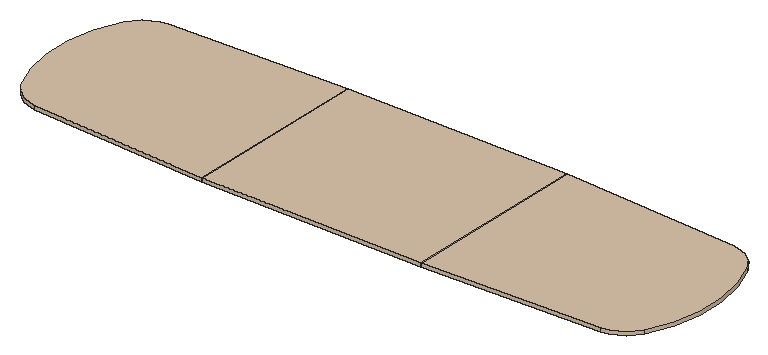
Revit family "Haworth_Planes_ColumnBaseConferenceTable_PebbleThreePiece_TopOnly", category Furniture Systems, Revit 2018 (continued)
Definition of nested family "Haworth_Planes_Worksurface_Pebble_3Piece_PART"
  Definition of nested family "Haworth_Planes_Worksurface_Pebble42_3Pieces_Part"
    Lines and regions (in)
      Masking region 1, visible <- "186w"
        outline origin (0, 0, 0) x (1, 0, 0) y (0, 1, 0)
          loop
            arc (91.67053, 6.29769) -> (92.52, 15) -> (91.67053, 23.70231) r 45
            arc (91.67053, 23.70231) -> (87.98608, 30.24554) -> (81.13405, 33.31777) r 12
            arc (81.13405, 33.31777) -> (56.02055, 35.24743) -> (30.84, 35.84) r 473.87927
            line (30.84, 35.84) -> (-30.84, 35.84)
      Masking region 2, visible <- "192w"
        outline origin (0, -111.73058, 0) x (1, 0, 0) y (0, 1, 0)
          loop
            arc (-84.08373, 108.40692) -> (-57.99392, 106.48333) -> (-31.84, 105.89058) r 513.65076
            line (-31.84, 105.89058) -> (31.84, 105.89058)
            arc (31.84, 105.89058) -> (57.99392, 106.48333) -> (84.08373, 108.40692) r 513.65076
            arc (84.08373, 108.40692) -> (90.96718, 111.46717) -> (94.67032, 118.02718) r 12
            arc (94.67032, 118.02718) -> (95.52, 126.73058) -> (94.67032, 135.43399) r 45
            arc (94.67032, 135.43399) -> (90.96718, 141.99399) -> (84.08373, 145.05424) r 12
            arc (84.08373, 145.05424) -> (57.99392, 146.97783) -> (31.84, 147.57058) r 513.65076
            line (31.84, 147.57058) -> (-31.84, 147.57058)
            arc (-31.84, 147.57058) -> (-57.99392, 146.97783) -> (-84.08373, 145.05424) r 513.65076
            arc (-84.08373, 145.05424) -> (-90.96718, 141.99399) -> (-94.67032, 135.43399) r 12
            arc (-94.67032, 135.43399) -> (-95.52, 126.73058) -> (-94.67032, 118.02718) r 45
            arc (-94.67032, 118.02718) -> (-90.96718, 111.46717) -> (-84.08373, 108.40692) r 12
      Masking region 3, visible <- "198w"
        outline origin (0, -157.5066, 0) x (1, 0, 0) y (0, 1, 0)
          loop
            arc (-97.67017, 163.80245) -> (-93.94987, 157.22704) -> (-87.03761, 154.17791) r 12
            arc (-87.03761, 154.17791) -> (-59.96952, 152.25944) -> (-32.84, 151.6666) r 554.88541
            line (-32.84, 151.6666) -> (32.84, 151.6666)
            arc (32.84, 151.6666) -> (59.96952, 152.25944) -> (87.03761, 154.17791) r 554.88541
            arc (87.03761, 154.17791) -> (93.94987, 157.22704) -> (97.67017, 163.80245) r 12
            arc (97.67017, 163.80245) -> (98.52, 172.5066) -> (97.67017, 181.21075) r 45
            arc (97.67017, 181.21075) -> (93.94987, 187.78616) -> (87.03761, 190.83529) r 12
            arc (87.03761, 190.83529) -> (59.96952, 192.75376) -> (32.84, 193.3466) r 554.88541
            line (32.84, 193.3466) -> (-32.84, 193.3466)
            arc (-32.84, 193.3466) -> (-59.96952, 192.75376) -> (-87.03761, 190.83529) r 554.88541
            arc (-87.03761, 190.83529) -> (-93.94987, 187.78616) -> (-97.67017, 181.21075) r 12
            arc (-97.67017, 181.21075) -> (-98.52, 172.5066) -> (-97.67017, 163.80245) r 45
      Masking region 4, visible <- "204w"
        outline origin (0, -201.97473, 0) x (1, 0, 0) y (0, 1, 0)
          loop
            arc (-100.67008, 225.67936) -> (-101.52, 216.97473) -> (-100.67008, 208.27011) r 45
            arc (-100.67008, 208.27011) -> (-96.93385, 201.68041) -> (-89.99485, 198.64169) r 12
            arc (-89.99485, 198.64169) -> (-61.9469, 196.72793) -> (-33.84, 196.13473) r 597.89526
            line (-33.84, 196.13473) -> (33.84, 196.13473)
            arc (33.84, 196.13473) -> (61.9469, 196.72793) -> (89.99485, 198.64169) r 597.89526
            arc (89.99485, 198.64169) -> (96.93385, 201.68041) -> (100.67008, 208.27011) r 12
            arc (100.67008, 208.27011) -> (101.52, 216.97473) -> (100.67008, 225.67936) r 45
            arc (100.67008, 225.67936) -> (96.93385, 232.26905) -> (89.99485, 235.30777) r 12
            arc (89.99485, 235.30777) -> (61.9469, 237.22154) -> (33.84, 237.81473) r 597.89526
            line (33.84, 237.81473) -> (-33.84, 237.81473)
            arc (-33.84, 237.81473) -> (-61.9469, 237.22154) -> (-89.99485, 235.30777) r 597.89526
            arc (-89.99485, 235.30777) -> (-96.93385, 232.26905) -> (-100.67008, 225.67936) r 12
      Masking region 5, visible <- "210w"
        outline origin (0, -246.44286, 0) x (1, 0, 0) y (0, 1, 0)
          loop
            arc (-103.67003, 270.14774) -> (-104.52, 261.44286) -> (-103.67003, 252.73799) r 45
            arc (-103.67003, 252.73799) -> (-99.91913, 246.13513) -> (-92.95552, 243.10609) r 12
            arc (-92.95552, 243.10609) -> (-63.92612, 241.19615) -> (-34.84, 240.60286) r 642.20942
            line (-34.84, 240.60286) -> (34.84, 240.60286)
            arc (34.84, 240.60286) -> (63.92612, 241.19615) -> (92.95552, 243.10609) r 642.20942
            arc (92.95552, 243.10609) -> (99.91913, 246.13513) -> (103.67003, 252.73799) r 12
            arc (103.67003, 252.73799) -> (104.52, 261.44286) -> (103.67003, 270.14774) r 45
            arc (103.67003, 270.14774) -> (99.91913, 276.75059) -> (92.95552, 279.77964) r 12
            arc (92.95552, 279.77964) -> (63.92612, 281.68958) -> (34.84, 282.28286) r 642.20942
            line (34.84, 282.28286) -> (-34.84, 282.28286)
            arc (-34.84, 282.28286) -> (-63.92612, 281.68958) -> (-92.95552, 279.77964) r 642.20942
            arc (-92.95552, 279.77964) -> (-99.91913, 276.75059) -> (-103.67003, 270.14774) r 12
      Masking region 6, visible <- "216w"
        outline origin (0, -290.47503, 0) x (1, 0, 0) y (0, 1, 0)
          loop
            arc (-106.67001, 296.77008) -> (-102.90539, 290.15493) -> (-95.91879, 287.13501) r 12
            arc (-95.91879, 287.13501) -> (-65.90671, 285.22868) -> (-35.84, 284.63503) r 688.34315
            line (-35.84, 284.63503) -> (35.84, 284.63503)
            arc (35.84, 284.63503) -> (65.90671, 285.22868) -> (95.91879, 287.13501) r 688.34315
            arc (95.91879, 287.13501) -> (102.90539, 290.15493) -> (106.67001, 296.77008) r 12
            arc (106.67001, 296.77008) -> (107.52, 305.47503) -> (106.67001, 314.17999) r 45
            arc (106.67001, 314.17999) -> (102.90539, 320.79513) -> (95.91879, 323.81505) r 12
            arc (95.91879, 323.81505) -> (65.90671, 325.72139) -> (35.84, 326.31503) r 688.34315
            line (35.84, 326.31503) -> (-35.84, 326.31503)
            arc (-35.84, 326.31503) -> (-65.90671, 325.72139) -> (-95.91879, 323.81505) r 688.34315
            arc (-95.91879, 323.81505) -> (-102.90539, 320.79513) -> (-106.67001, 314.17999) r 12
            arc (-106.67001, 314.17999) -> (-107.52, 305.47503) -> (-106.67001, 296.77008) r 45
      Masking region 7, visible <- "222w"
        outline origin (0, -334.07124, 0) x (1, 0, 0) y (0, 1, 0)
          loop
            arc (-109.67003, 357.77612) -> (-110.52, 349.07124) -> (-109.67003, 340.36635) r 45
            arc (-109.67003, 340.36635) -> (-105.89266, 333.73979) -> (-98.88471, 330.7284) r 12
            arc (-98.88471, 330.7284) -> (-67.88871, 328.82511) -> (-36.84, 328.23124) r 735.89145
            line (-36.84, 328.23124) -> (36.84, 328.23124)
            arc (36.84, 328.23124) -> (67.88871, 328.82511) -> (98.88471, 330.7284) r 735.89145
            arc (98.88471, 330.7284) -> (105.89266, 333.73979) -> (109.67003, 340.36635) r 12
            arc (109.67003, 340.36635) -> (110.52, 349.07124) -> (109.67003, 357.77612) r 45
            arc (109.67003, 357.77612) -> (105.89266, 364.40269) -> (98.88471, 367.41408) r 12
            arc (98.88471, 367.41408) -> (67.88871, 369.31737) -> (36.84, 369.91124) r 735.89145
            line (36.84, 369.91124) -> (-36.84, 369.91124)
            arc (-36.84, 369.91124) -> (-67.88871, 369.31737) -> (-98.88471, 367.41408) r 735.89145
            arc (-98.88471, 367.41408) -> (-105.89266, 364.40269) -> (-109.67003, 357.77612) r 12
      Masking region 8, visible <- "228w"
        outline origin (0, -377.45182, 0) x (1, 0, 0) y (0, 1, 0)
          loop
            arc (-112.67006, 401.15652) -> (-113.52, 392.45182) -> (-112.67006, 383.74712) r 45
            arc (-112.67006, 383.74712) -> (-108.88076, 377.10985) -> (-101.8528, 374.10652) r 12
            arc (-101.8528, 374.10652) -> (-69.87185, 372.20604) -> (-37.84, 371.61182) r 785.16071
            line (-37.84, 371.61182) -> (37.84, 371.61182)
            arc (37.84, 371.61182) -> (69.87185, 372.20604) -> (101.8528, 374.10652) r 785.16071
            arc (101.8528, 374.10652) -> (108.88076, 377.10985) -> (112.67006, 383.74712) r 12
            arc (112.67006, 383.74712) -> (113.52, 392.45182) -> (112.67006, 401.15652) r 45
            arc (112.67006, 401.15652) -> (108.88076, 407.79378) -> (101.8528, 410.79712) r 12
            arc (101.8528, 410.79712) -> (69.87185, 412.69759) -> (37.84, 413.29182) r 785.16071
            line (37.84, 413.29182) -> (-37.84, 413.29182)
            arc (-37.84, 413.29182) -> (-69.87185, 412.69759) -> (-101.8528, 410.79712) r 785.16071
            arc (-101.8528, 410.79712) -> (-108.88076, 407.79378) -> (-112.67006, 401.15652) r 12
      Masking region 9, visible <- "234w"
        outline origin (0, -421.47222, 0) x (1, 0, 0) y (0, 1, 0)
          loop
            arc (-115.67012, 445.17664) -> (-116.52, 436.47222) -> (-115.67012, 427.7678) r 45
            arc (-115.67012, 427.7678) -> (-111.86961, 421.1205) -> (-104.82291, 418.12477) r 12
            arc (-104.82291, 418.12477) -> (-71.85607, 416.22685) -> (-38.84, 415.63222) r 836.0676
            line (-38.84, 415.63222) -> (38.84, 415.63222)
            arc (38.84, 415.63222) -> (71.85607, 416.22685) -> (104.82291, 418.12477) r 836.0676
            arc (104.82291, 418.12477) -> (111.86961, 421.1205) -> (115.67012, 427.7678) r 12
            arc (115.67012, 427.7678) -> (116.52, 436.47222) -> (115.67012, 445.17664) r 45
            arc (115.67012, 445.17664) -> (111.86961, 451.82394) -> (104.82291, 454.81967) r 12
            arc (104.82291, 454.81967) -> (71.85607, 456.71759) -> (38.84, 457.31222) r 836.0676
            line (38.84, 457.31222) -> (-38.84, 457.31222)
            arc (-38.84, 457.31222) -> (-71.85607, 456.71759) -> (-104.82291, 454.81967) r 836.0676
            arc (-104.82291, 454.81967) -> (-111.86961, 451.82394) -> (-115.67012, 445.17664) r 12
      Masking region 10, visible <- "240w"
        outline origin (0, -467.44003, 0) x (1, 0, 0) y (0, 1, 0)
          loop
            arc (-118.67019, 491.1441) -> (-119.52, 482.44003) -> (-118.67019, 473.73596) r 45
            arc (-118.67019, 473.73596) -> (-114.85925, 467.07932) -> (-107.79509, 464.09071) r 12
            arc (-107.79509, 464.09071) -> (-73.84139, 462.19476) -> (-39.84, 461.60003) r 888.14604
            line (-39.84, 461.60003) -> (39.84, 461.60003)
            arc (39.84, 461.60003) -> (73.84139, 462.19476) -> (107.79509, 464.09071) r 888.14604
            arc (107.79509, 464.09071) -> (114.85925, 467.07932) -> (118.67019, 473.73596) r 12
            arc (118.67019, 473.73596) -> (119.52, 482.44003) -> (118.67019, 491.1441) r 45
            arc (118.67019, 491.1441) -> (114.85925, 497.80074) -> (107.79509, 500.78934) r 12
            arc (107.79509, 500.78934) -> (73.84139, 502.6853) -> (39.84, 503.28003) r 888.14604
            line (39.84, 503.28003) -> (-39.84, 503.28003)
            arc (-39.84, 503.28003) -> (-73.84139, 502.6853) -> (-107.79509, 500.78934) r 888.14604
            arc (-107.79509, 500.78934) -> (-114.85925, 497.80074) -> (-118.67019, 491.1441) r 12
      Masking region 11, visible <- "246w"
        outline origin (0, -512.92819, 0) x (1, 0, 0) y (0, 1, 0)
          loop
            arc (-121.67027, 536.63184) -> (-122.52, 527.92819) -> (-121.67027, 519.22454) r 45
            arc (-121.67027, 519.22454) -> (-117.84941, 512.55902) -> (-110.76866, 509.57722) r 12
            arc (-110.76866, 509.57722) -> (-75.82744, 507.68343) -> (-40.84, 507.08819) r 942.35922
            line (-40.84, 507.08819) -> (40.84, 507.08819)
            arc (40.84, 507.08819) -> (75.82744, 507.68343) -> (110.76866, 509.57722) r 942.35922
            arc (110.76866, 509.57722) -> (117.84941, 512.55902) -> (121.67027, 519.22454) r 12
            arc (121.67027, 519.22454) -> (122.52, 527.92819) -> (121.67027, 536.63184) r 45
            arc (121.67027, 536.63184) -> (117.84941, 543.29736) -> (110.76866, 546.27916) r 12
            arc (110.76866, 546.27916) -> (75.82744, 548.17295) -> (40.84, 548.76819) r 942.35922
            line (40.84, 548.76819) -> (-40.84, 548.76819)
            arc (-40.84, 548.76819) -> (-75.82744, 548.17295) -> (-110.76866, 546.27916) r 942.35922
            arc (-110.76866, 546.27916) -> (-117.84941, 543.29736) -> (-121.67027, 536.63184) r 12
      Masking region 12, visible <- "252w"
        outline origin (0, -559.1122, 0) x (1, 0, 0) y (0, 1, 0)
          loop
            arc (-124.67036, 582.81539) -> (-125.52, 574.1122) -> (-124.67036, 565.40901) r 45
            arc (-124.67036, 565.40901) -> (-120.84019, 558.73516) -> (-113.74388, 555.75979) r 12
            arc (-113.74388, 555.75979) -> (-77.81437, 553.86779) -> (-41.84, 553.2722) r 997.94026
            line (-41.84, 553.2722) -> (41.84, 553.2722)
            arc (41.84, 553.2722) -> (77.81437, 553.86779) -> (113.74388, 555.75979) r 997.94026
            arc (113.74388, 555.75979) -> (120.84019, 558.73516) -> (124.67036, 565.40901) r 12
            arc (124.67036, 565.40901) -> (125.52, 574.1122) -> (124.67036, 582.81539) r 45
            arc (124.67036, 582.81539) -> (120.84019, 589.48924) -> (113.74388, 592.46461) r 12
            arc (113.74388, 592.46461) -> (77.81437, 594.35661) -> (41.84, 594.9522) r 997.94026
            line (41.84, 594.9522) -> (-41.84, 594.9522)
            arc (-41.84, 594.9522) -> (-77.81437, 594.35661) -> (-113.74388, 592.46461) r 997.94026
            arc (-113.74388, 592.46461) -> (-120.84019, 589.48924) -> (-124.67036, 582.81539) r 12
      Masking region 13, visible <- "258w"
        outline origin (0, -603.31711, 0) x (1, 0, 0) y (0, 1, 0)
          loop
            arc (-127.67046, 627.01979) -> (-128.52, 618.31711) -> (-127.67046, 609.61443) r 45
            arc (-127.67046, 609.61443) -> (-123.83146, 602.93268) -> (-116.7204, 599.96342) r 12
            arc (-116.7204, 599.96342) -> (-79.80198, 598.0732) -> (-42.84, 597.47711) r 1055.35838
            line (-42.84, 597.47711) -> (42.84, 597.47711)
            arc (42.84, 597.47711) -> (79.80198, 598.0732) -> (116.7204, 599.96342) r 1055.35838
            arc (116.7204, 599.96342) -> (123.83146, 602.93268) -> (127.67046, 609.61443) r 12
            arc (127.67046, 609.61443) -> (128.52, 618.31711) -> (127.67046, 627.01979) r 45
            arc (127.67046, 627.01979) -> (123.83146, 633.70154) -> (116.7204, 636.67079) r 12
            arc (116.7204, 636.67079) -> (79.80198, 638.56101) -> (42.84, 639.15711) r 1055.35838
            line (42.84, 639.15711) -> (-42.84, 639.15711)
            arc (-42.84, 639.15711) -> (-79.80198, 638.56101) -> (-116.7204, 636.67079) r 1055.35838
            arc (-116.7204, 636.67079) -> (-123.83146, 633.70154) -> (-127.67046, 627.01979) r 12
      Masking region 14, visible <- "264w"
        outline origin (0, -649.50644, 0) x (1, 0, 0) y (0, 1, 0)
          loop
            arc (-130.67057, 673.20858) -> (-131.52, 664.50644) -> (-130.67057, 655.80429) r 45
            arc (-130.67057, 655.80429) -> (-126.82326, 649.1151) -> (-119.6983, 646.15164) r 12
            arc (-119.6983, 646.15164) -> (-81.79032, 644.26288) -> (-43.84, 643.66644) r 1114.12477
            line (-43.84, 643.66644) -> (43.84, 643.66644)
            arc (43.84, 643.66644) -> (81.79032, 644.26288) -> (119.6983, 646.15164) r 1114.12477
            arc (119.6983, 646.15164) -> (126.82326, 649.1151) -> (130.67057, 655.80429) r 12
            arc (130.67057, 655.80429) -> (131.52, 664.50644) -> (130.67057, 673.20858) r 45
            arc (130.67057, 673.20858) -> (126.82326, 679.89777) -> (119.6983, 682.86123) r 12
            arc (119.6983, 682.86123) -> (81.79032, 684.75) -> (43.84, 685.34644) r 1114.12477
            line (43.84, 685.34644) -> (-43.84, 685.34644)
            arc (-43.84, 685.34644) -> (-81.79032, 684.75) -> (-119.6983, 682.86123) r 1114.12477
            arc (-119.6983, 682.86123) -> (-126.82326, 679.89777) -> (-130.67057, 673.20858) r 12
      Masking region 15, visible <- "270w"
        outline origin (0, -698.6424, 0) x (1, 0, 0) y (0, 1, 0)
          loop
            arc (-44.84, 734.4824) -> (-83.77923, 733.88544) -> (-122.67728, 731.99818) r 1174.79849
            arc (-122.67728, 731.99818) -> (-129.81545, 729.04025) -> (-133.67068, 722.34398) r 12
            arc (-133.67068, 722.34398) -> (-134.52, 713.6424) -> (-133.67068, 704.94082) r 45
            arc (-133.67068, 704.94082) -> (-129.81545, 698.24455) -> (-122.67728, 695.28662) r 12
            arc (-122.67728, 695.28662) -> (-83.77923, 693.39936) -> (-44.84, 692.8024) r 1174.79849
            line (-44.84, 692.8024) -> (44.84, 692.8024)
            arc (44.84, 692.8024) -> (83.77923, 693.39936) -> (122.67728, 695.28662) r 1174.79849
            arc (122.67728, 695.28662) -> (129.81545, 698.24455) -> (133.67068, 704.94082) r 12
            arc (133.67068, 704.94082) -> (134.52, 713.6424) -> (133.67068, 722.34398) r 45
            arc (133.67068, 722.34398) -> (129.81545, 729.04025) -> (122.67728, 731.99818) r 12
            arc (122.67728, 731.99818) -> (83.77923, 733.88544) -> (44.84, 734.4824) r 1174.79849
            line (44.84, 734.4824) -> (-44.84, 734.4824)
      symbolic lines, visible <- "186w", detail levels medium+fine
        curve 1: line (-30.84, 35.84, 0) -> (-30.84, -5.84, 0)
        curve 2: line (30.84, 35.84, 0) -> (30.84, -5.84, 0)
      symbolic lines, visible <- "192w", detail levels medium+fine
        curve 3: line (31.84, -5.84, 0) -> (31.84, 35.84, 0)
        curve 17: line (-31.84, -5.84, 0) -> (-31.84, 35.84, 0)
      symbolic lines, visible <- "198w", detail levels medium+fine
        curve 4: line (32.84, 35.84, 0) -> (32.84, -5.84, 0)
        curve 18: line (-32.84, 35.84, 0) -> (-32.84, -5.84, 0)
      symbolic lines, visible <- "204w", detail levels medium+fine
        curve 5: line (33.84, -5.84, 0) -> (33.84, 35.84, 0)
        curve 19: line (-33.84, -5.84, 0) -> (-33.84, 35.84, 0)
      symbolic lines, visible <- "210w", detail levels medium+fine
        curve 6: line (34.84, 35.84, 0) -> (34.84, -5.84, 0)
        curve 20: line (-34.84, 35.84, 0) -> (-34.84, -5.84, 0)
      symbolic lines, visible <- "216w", detail levels medium+fine
        curve 7: line (35.84, -5.84, 0) -> (35.84, 35.84, 0)
        curve 21: line (-35.84, -5.84, 0) -> (-35.84, 35.84, 0)
      symbolic lines, visible <- "222w", detail levels medium+fine
        curve 8: line (36.84, 35.84, 0) -> (36.84, -5.84, 0)
        curve 22: line (-36.84, 35.84, 0) -> (-36.84, -5.84, 0)
      symbolic lines, visible <- "228w", detail levels medium+fine
        curve 9: line (37.84, -5.84, 0) -> (37.84, 35.84, 0)
        curve 23: line (-37.84, -5.84, 0) -> (-37.84, 35.84, 0)
      symbolic lines, visible <- "234w", detail levels medium+fine
        curve 10: line (38.84, 35.84, 0) -> (38.84, -5.84, 0)
        curve 24: line (-38.84, 35.84, 0) -> (-38.84, -5.84, 0)
      symbolic lines, visible <- "240w", detail levels medium+fine
        curve 11: line (39.84, -5.84, 0) -> (39.84, 35.84, 0)
        curve 25: line (-39.84, -5.84, 0) -> (-39.84, 35.84, 0)
      symbolic lines, visible <- "246w", detail levels medium+fine
        curve 12: line (40.84, 35.84, 0) -> (40.84, -5.84, 0)
        curve 26: line (-40.84, 35.84, 0) -> (-40.84, -5.84, 0)
      symbolic lines, visible <- "252w", detail levels medium+fine
        curve 13: line (41.84, -5.84, 0) -> (41.84, 35.84, 0)
        curve 27: line (-41.84, -5.84, 0) -> (-41.84, 35.84, 0)
      symbolic lines, visible <- "258w", detail levels medium+fine
        curve 14: line (42.84, 35.84, 0) -> (42.84, -5.84, 0)
        curve 28: line (-42.84, 35.84, 0) -> (-42.84, -5.84, 0)
      symbolic lines, visible <- "264w", detail levels medium+fine
        curve 15: line (43.84, -5.84, 0) -> (43.84, 35.84, 0)
        curve 29: line (-43.84, -5.84, 0) -> (-43.84, 35.84, 0)
      symbolic lines, visible <- "270w", detail levels medium+fine
        curve 16: line (44.84, 35.84, 0) -> (44.84, -5.84, 0)
        curve 30: line (-44.84, 35.84, 0) -> (-44.84, -5.84, 0)
    Dimensions and locks (in)
      "Thickness": plane 4 "Table Top" to plane 5 "Table Bottom"
      "Actual Height": plane 4 "Table Top" to level
      "Cutout Dimension": plane 6 "Cutout Top" to plane 7 "Cutout Bottom"
      plane 6 "Cutout Top" to plane 4 "Table Top" = 1"
      locked: plane 4 "Table Top" to plane 8 "KnifeEdge Middle" at 0.375
      aligned and locked: plane 4 "Table Top" to Extrusion 2
      aligned and locked: plane 4 "Table Top" to Extrusion 3
      aligned and locked: plane 4 "Table Top" to Extrusion 10
      aligned and locked: plane 4 "Table Top" to Extrusion 15
      aligned and locked: plane 4 "Table Top" to Extrusion 14
      aligned and locked: plane 4 "Table Top" to Extrusion 13
      aligned and locked: plane 4 "Table Top" to Extrusion 12
      aligned and locked: plane 4 "Table Top" to Extrusion 9
      aligned and locked: plane 4 "Table Top" to Extrusion 11
      aligned and locked: plane 4 "Table Top" to Extrusion 4
      aligned and locked: plane 4 "Table Top" to Extrusion 8
      aligned and locked: plane 4 "Table Top" to Extrusion 7
      aligned and locked: plane 4 "Table Top" to Extrusion 6
      aligned and locked: plane 4 "Table Top" to Extrusion 5
      aligned and locked: plane 4 "Table Top" to Extrusion 1
      aligned and locked: Extrusion 15 to plane 5 "Table Bottom"
      aligned and locked: Extrusion 14 to plane 5 "Table Bottom"
      aligned and locked: Extrusion 13 to plane 5 "Table Bottom"
      aligned and locked: Extrusion 12 to plane 5 "Table Bottom"
      aligned and locked: Extrusion 11 to plane 5 "Table Bottom"
      aligned and locked: Extrusion 10 to plane 5 "Table Bottom"
      aligned and locked: Extrusion 9 to plane 5 "Table Bottom"
      aligned and locked: Extrusion 8 to plane 5 "Table Bottom"
      aligned and locked: Extrusion 7 to plane 5 "Table Bottom"
      aligned and locked: Extrusion 6 to plane 5 "Table Bottom"
      aligned and locked: Extrusion 5 to plane 5 "Table Bottom"
      aligned and locked: Extrusion 4 to plane 5 "Table Bottom"
      aligned and locked: Extrusion 3 to plane 5 "Table Bottom"
      aligned and locked: Extrusion 2 to plane 5 "Table Bottom"
      aligned and locked: Extrusion 1 to plane 5 "Table Bottom"
      aligned and locked: plane 4 "Table Top" to Extrusion 16
      aligned and locked: plane 4 "Table Top" to Extrusion 17
      aligned and locked: plane 4 "Table Top" to Extrusion 18
      aligned and locked: plane 4 "Table Top" to Extrusion 19
      aligned and locked: plane 4 "Table Top" to Extrusion 20
      aligned and locked: plane 4 "Table Top" to Extrusion 21
      aligned and locked: plane 4 "Table Top" to Extrusion 22
      aligned and locked: plane 4 "Table Top" to Extrusion 23
      aligned and locked: plane 4 "Table Top" to Extrusion 24
      aligned and locked: plane 4 "Table Top" to Extrusion 26
      aligned and locked: plane 4 "Table Top" to Extrusion 30
      aligned and locked: plane 4 "Table Top" to Extrusion 29
      aligned and locked: plane 4 "Table Top" to Extrusion 28
      aligned and locked: plane 4 "Table Top" to Extrusion 27
      aligned and locked: plane 4 "Table Top" to Extrusion 25
      aligned and locked: Extrusion 30 to plane 5 "Table Bottom"
      aligned and locked: Extrusion 25 to plane 5 "Table Bottom"
      aligned and locked: Extrusion 29 to plane 5 "Table Bottom"
      aligned and locked: Extrusion 27 to plane 5 "Table Bottom"
      aligned and locked: Extrusion 28 to plane 5 "Table Bottom"
      aligned and locked: Extrusion 18 to plane 5 "Table Bottom"
      aligned and locked: Extrusion 23 to plane 5 "Table Bottom"
      aligned and locked: Extrusion 22 to plane 5 "Table Bottom"
      aligned and locked: plane 8 "KnifeEdge Middle" to Extrusion 26
      aligned and locked: Extrusion 19 to plane 5 "Table Bottom"
      aligned and locked: Extrusion 24 to plane 5 "Table Bottom"
      aligned and locked: Extrusion 20 to plane 5 "Table Bottom"
      aligned and locked: Extrusion 21 to plane 5 "Table Bottom"
      aligned and locked: Extrusion 16 to plane 5 "Table Bottom"
      aligned and locked: Extrusion 17 to plane 5 "Table Bottom"
    Automatic sketch dimensions
      Extrusion 1 sketch curve to plane 3 "Center L/R" = 79.89706"
      Extrusion 1 sketch curve to Extrusion 1 sketch curve = 0"  (x10)
      Extrusion 1 sketch curve to Extrusion 1 sketch curve = 32.37706"  (x2)
      Extrusion 1 sketch curve to plane 3 "Center L/R" = 32.2855"  (x2)
      Extrusion 1 sketch curve to Extrusion 1 sketch curve = 16.68"  (x2)
      plane 3 "Center L/R" to Extrusion 1 sketch curve = 30.84"
      plane 3 "Center L/R" to Extrusion 1 sketch curve = 32.2855"  (x2)
      plane 1 "Center F/B" to Extrusion 1 sketch curve = 453.03706"
      plane 1 "Center F/B" to Extrusion 1 sketch curve = 20.84"  (x2)
      Extrusion 1 sketch curve to Extrusion 1 sketch curve = 14.4583"  (x2)
      Extrusion 1 sketch curve to Extrusion 1 sketch curve = 20.84"  (x4)
      Extrusion 1 sketch curve to Extrusion 1 sketch curve = 12.76339"  (x2)
      Extrusion 1 sketch curve to Extrusion 1 sketch curve = 432.19706"
      Extrusion 2 sketch curve to plane 3 "Center L/R" = 82.8969"
      Extrusion 2 sketch curve to Extrusion 2 sketch curve = 0"  (x11)
      Extrusion 2 sketch curve to Extrusion 2 sketch curve = 32.3769"  (x2)
      Extrusion 2 sketch curve to plane 3 "Center L/R" = 33.28238"  (x2)
      Extrusion 2 sketch curve to Extrusion 2 sketch curve = 18.68"  (x2)
      plane 3 "Center L/R" to Extrusion 2 sketch curve = 31.84"
      plane 3 "Center L/R" to Extrusion 2 sketch curve = 33.28238"  (x2)
      plane 1 "Center F/B" to Extrusion 2 sketch curve = 492.80874"
      plane 1 "Center F/B" to Extrusion 2 sketch curve = 20.84"
      Extrusion 2 sketch curve to Extrusion 2 sketch curve = 14.4575"  (x2)
      Extrusion 2 sketch curve to Extrusion 2 sketch curve = 20.84"  (x4)
      Extrusion 2 sketch curve to Extrusion 2 sketch curve = 12.76499"  (x2)
      Extrusion 2 sketch curve to Extrusion 2 sketch curve = 471 31/32"
      Extrusion 4 sketch curve to plane 3 "Center L/R" = 88.89672"
      Extrusion 4 sketch curve to Extrusion 4 sketch curve = 0"  (x11)
      Extrusion 4 sketch curve to Extrusion 4 sketch curve = 32.37672"  (x2)
      Extrusion 4 sketch curve to plane 3 "Center L/R" = 35.28122"  (x2)
      Extrusion 4 sketch curve to Extrusion 4 sketch curve = 22.68"  (x2)
      plane 3 "Center L/R" to Extrusion 4 sketch curve = 33.84"
      plane 3 "Center L/R" to Extrusion 4 sketch curve = 35.28122"  (x2)
      plane 1 "Center F/B" to Extrusion 4 sketch curve = 577.05353"
      plane 1 "Center F/B" to Extrusion 4 sketch curve = 20.84"
      Extrusion 4 sketch curve to Extrusion 4 sketch curve = 14.45661"  (x2)
      Extrusion 4 sketch curve to Extrusion 4 sketch curve = 20.84"  (x4)
      Extrusion 4 sketch curve to Extrusion 4 sketch curve = 12.76678"  (x2)
      Extrusion 4 sketch curve to Extrusion 4 sketch curve = 556.21353"
      Extrusion 3 sketch curve to plane 3 "Center L/R" = 85.89679"
      Extrusion 3 sketch curve to Extrusion 3 sketch curve = 0"  (x11)
      Extrusion 3 sketch curve to Extrusion 3 sketch curve = 32.37679"  (x2)
      Extrusion 3 sketch curve to plane 3 "Center L/R" = 34.28583"  (x2)
      Extrusion 3 sketch curve to Extrusion 3 sketch curve = 20.68"  (x2)
      plane 3 "Center L/R" to Extrusion 3 sketch curve = 32.84"
      plane 3 "Center L/R" to Extrusion 3 sketch curve = 34.28583"  (x2)
      plane 1 "Center F/B" to Extrusion 3 sketch curve = 534.04352"
      plane 1 "Center F/B" to Extrusion 3 sketch curve = 20.84"
      Extrusion 3 sketch curve to Extrusion 3 sketch curve = 14.45696"  (x2)
      Extrusion 3 sketch curve to Extrusion 3 sketch curve = 20.84"  (x4)
      Extrusion 3 sketch curve to Extrusion 3 sketch curve = 12.76609"  (x2)
      Extrusion 3 sketch curve to Extrusion 3 sketch curve = 513.20352"
      Extrusion 5 sketch curve to plane 3 "Center L/R" = 91.89669"
      Extrusion 5 sketch curve to Extrusion 5 sketch curve = 0"  (x11)
      Extrusion 5 sketch curve to Extrusion 5 sketch curve = 32.37669"  (x2)
      Extrusion 5 sketch curve to plane 3 "Center L/R" = 36.28966"  (x2)
      Extrusion 5 sketch curve to Extrusion 5 sketch curve = 24.68"  (x2)
      plane 3 "Center L/R" to Extrusion 5 sketch curve = 34.84"
      plane 3 "Center L/R" to Extrusion 5 sketch curve = 36.28966"  (x2)
      plane 1 "Center F/B" to Extrusion 5 sketch curve = 621.36778"
      plane 1 "Center F/B" to Extrusion 5 sketch curve = 20.84"
      Extrusion 5 sketch curve to Extrusion 5 sketch curve = 14.45642"  (x2)
      Extrusion 5 sketch curve to Extrusion 5 sketch curve = 20.84"  (x4)
      Extrusion 5 sketch curve to Extrusion 5 sketch curve = 12.76715"  (x2)
      Extrusion 5 sketch curve to Extrusion 5 sketch curve = 600.52778"
      Extrusion 6 sketch curve to plane 3 "Center L/R" = 94.89668"
      Extrusion 6 sketch curve to Extrusion 6 sketch curve = 0"  (x11)
      Extrusion 6 sketch curve to Extrusion 6 sketch curve = 32.37668"  (x2)
      Extrusion 6 sketch curve to plane 3 "Center L/R" = 37.2884"  (x2)
      Extrusion 6 sketch curve to Extrusion 6 sketch curve = 26.68"  (x2)
      plane 3 "Center L/R" to Extrusion 6 sketch curve = 35.84"
      plane 3 "Center L/R" to Extrusion 6 sketch curve = 37.2884"  (x2)
      plane 1 "Center F/B" to Extrusion 6 sketch curve = 667.50163"
      plane 1 "Center F/B" to Extrusion 6 sketch curve = 20.84"
      Extrusion 6 sketch curve to Extrusion 6 sketch curve = 14.45637"  (x2)
      Extrusion 6 sketch curve to Extrusion 6 sketch curve = 6.38363"  (x2)
      Extrusion 6 sketch curve to Extrusion 6 sketch curve = 12.76727"  (x2)
      Extrusion 6 sketch curve to Extrusion 6 sketch curve = 20.84"  (x2)
      Extrusion 6 sketch curve to Extrusion 6 sketch curve = 646.66163"
      Extrusion 7 sketch curve to plane 3 "Center L/R" = 97.89669"
      Extrusion 7 sketch curve to Extrusion 7 sketch curve = 0"  (x11)
      Extrusion 7 sketch curve to Extrusion 7 sketch curve = 32.37669"  (x2)
      Extrusion 7 sketch curve to plane 3 "Center L/R" = 38.29469"  (x2)
      Extrusion 7 sketch curve to Extrusion 7 sketch curve = 28.68"  (x2)
      plane 3 "Center L/R" to Extrusion 7 sketch curve = 36.84"
      plane 3 "Center L/R" to Extrusion 7 sketch curve = 38.29469"  (x2)
      plane 1 "Center F/B" to Extrusion 7 sketch curve = 715.05001"
      plane 1 "Center F/B" to Extrusion 7 sketch curve = 20.84"
      Extrusion 7 sketch curve to Extrusion 7 sketch curve = 14.45642"  (x2)
      Extrusion 7 sketch curve to Extrusion 7 sketch curve = 6.38358"  (x2)
      Extrusion 7 sketch curve to Extrusion 7 sketch curve = 12.76717"  (x2)
      Extrusion 7 sketch curve to Extrusion 7 sketch curve = 20.84"  (x2)
      Extrusion 7 sketch curve to Extrusion 7 sketch curve = 694.21001"
      Extrusion 8 sketch curve to plane 3 "Center L/R" = 100.89671"
      Extrusion 8 sketch curve to Extrusion 8 sketch curve = 0"  (x11)
      Extrusion 8 sketch curve to Extrusion 8 sketch curve = 32.37671"  (x2)
      Extrusion 8 sketch curve to plane 3 "Center L/R" = 39.29586"  (x2)
      Extrusion 8 sketch curve to Extrusion 8 sketch curve = 30.68"  (x2)
      plane 3 "Center L/R" to Extrusion 8 sketch curve = 37.84"
      plane 3 "Center L/R" to Extrusion 8 sketch curve = 39.29586"  (x2)
      plane 1 "Center F/B" to Extrusion 8 sketch curve = 764.31936"
      plane 1 "Center F/B" to Extrusion 8 sketch curve = 20.84"
      Extrusion 8 sketch curve to Extrusion 8 sketch curve = 14.45655"  (x2)
      Extrusion 8 sketch curve to Extrusion 8 sketch curve = 6.38345"  (x2)
      Extrusion 8 sketch curve to Extrusion 8 sketch curve = 12.7669"  (x2)
      Extrusion 8 sketch curve to Extrusion 8 sketch curve = 20.84"  (x2)
      Extrusion 8 sketch curve to Extrusion 8 sketch curve = 743.47936"
      Extrusion 9 sketch curve to plane 3 "Center L/R" = 103.89675"
      Extrusion 9 sketch curve to Extrusion 9 sketch curve = 0"  (x11)
      Extrusion 9 sketch curve to Extrusion 9 sketch curve = 32.37675"  (x2)
      Extrusion 9 sketch curve to plane 3 "Center L/R" = 40.29554"  (x2)
      Extrusion 9 sketch curve to Extrusion 9 sketch curve = 32.68"  (x2)
      plane 3 "Center L/R" to Extrusion 9 sketch curve = 38.84"
      plane 3 "Center L/R" to Extrusion 9 sketch curve = 40.29554"  (x2)
      plane 1 "Center F/B" to Extrusion 9 sketch curve = 815.22633"
      plane 1 "Center F/B" to Extrusion 9 sketch curve = 20.84"
      Extrusion 9 sketch curve to Extrusion 9 sketch curve = 14.45676"  (x2)
      Extrusion 9 sketch curve to Extrusion 9 sketch curve = 6.38324"  (x2)
      Extrusion 9 sketch curve to Extrusion 9 sketch curve = 12.76649"  (x2)
      Extrusion 9 sketch curve to Extrusion 9 sketch curve = 20.84"  (x2)
      Extrusion 9 sketch curve to Extrusion 9 sketch curve = 794.38633"
      Extrusion 10 sketch curve to plane 3 "Center L/R" = 106.89681"
      Extrusion 10 sketch curve to Extrusion 10 sketch curve = 0"  (x11)
      Extrusion 10 sketch curve to Extrusion 10 sketch curve = 32.37681"  (x2)
      Extrusion 10 sketch curve to plane 3 "Center L/R" = 41.31098"  (x2)
      Extrusion 10 sketch curve to Extrusion 10 sketch curve = 34.68"  (x2)
      plane 3 "Center L/R" to Extrusion 10 sketch curve = 39.84"
      plane 3 "Center L/R" to Extrusion 10 sketch curve = 41.31098"  (x2)
      plane 1 "Center F/B" to Extrusion 10 sketch curve = 867.30482"
      plane 1 "Center F/B" to Extrusion 10 sketch curve = 20.84"
      Extrusion 10 sketch curve to Extrusion 10 sketch curve = 14 117/256"  (x2)
      Extrusion 10 sketch curve to Extrusion 10 sketch curve = 6.38298"  (x2)
      Extrusion 10 sketch curve to Extrusion 10 sketch curve = 12.76597"  (x2)
      Extrusion 10 sketch curve to Extrusion 10 sketch curve = 20.84"  (x2)
      Extrusion 10 sketch curve to Extrusion 10 sketch curve = 846.46482"
      Extrusion 11 sketch curve to plane 3 "Center L/R" = 109.89687"
      Extrusion 11 sketch curve to Extrusion 11 sketch curve = 0"  (x11)
      Extrusion 11 sketch curve to Extrusion 11 sketch curve = 32.37687"  (x2)
      Extrusion 11 sketch curve to plane 3 "Center L/R" = 42.30646"  (x2)
      Extrusion 11 sketch curve to Extrusion 11 sketch curve = 36.68"  (x2)
      plane 3 "Center L/R" to Extrusion 11 sketch curve = 40.84"
      plane 3 "Center L/R" to Extrusion 11 sketch curve = 42.30646"  (x2)
      plane 1 "Center F/B" to Extrusion 11 sketch curve = 921.51808"
      plane 1 "Center F/B" to Extrusion 11 sketch curve = 20.84"
      Extrusion 11 sketch curve to Extrusion 11 sketch curve = 14.45732"  (x2)
      Extrusion 11 sketch curve to Extrusion 11 sketch curve = 6.38268"  (x2)
      Extrusion 11 sketch curve to Extrusion 11 sketch curve = 12.76536"  (x2)
      Extrusion 11 sketch curve to Extrusion 11 sketch curve = 41.68"  (x2)
      Extrusion 11 sketch curve to Extrusion 11 sketch curve = 900.67808"
      Extrusion 13 sketch curve to plane 3 "Center L/R" = 115.89701"
      Extrusion 13 sketch curve to Extrusion 13 sketch curve = 0"  (x11)
      Extrusion 13 sketch curve to Extrusion 13 sketch curve = 32.37701"  (x2)
      Extrusion 13 sketch curve to plane 3 "Center L/R" = 44.30581"  (x2)
      Extrusion 13 sketch curve to Extrusion 13 sketch curve = 40.68"  (x2)
      plane 3 "Center L/R" to Extrusion 13 sketch curve = 42.84"
      plane 3 "Center L/R" to Extrusion 13 sketch curve = 44.30581"  (x2)
      plane 1 "Center F/B" to Extrusion 13 sketch curve = 1034.51736"
      plane 1 "Center F/B" to Extrusion 13 sketch curve = 20.84"
      Extrusion 13 sketch curve to Extrusion 13 sketch curve = 14.45803"  (x2)
      Extrusion 13 sketch curve to Extrusion 13 sketch curve = 6.38197"  (x2)
      Extrusion 13 sketch curve to Extrusion 13 sketch curve = 12.76393"  (x2)
      Extrusion 13 sketch curve to Extrusion 13 sketch curve = 41.68"  (x2)
      Extrusion 13 sketch curve to Extrusion 13 sketch curve = 1013.67736"
      Extrusion 12 sketch curve to plane 3 "Center L/R" = 112.89693"
      Extrusion 12 sketch curve to Extrusion 12 sketch curve = 0"  (x11)
      Extrusion 12 sketch curve to Extrusion 12 sketch curve = 32.37693"  (x2)
      Extrusion 12 sketch curve to plane 3 "Center L/R" = 43.31024"  (x2)
      Extrusion 12 sketch curve to Extrusion 12 sketch curve = 38.68"  (x2)
      plane 3 "Center L/R" to Extrusion 12 sketch curve = 41.84"
      plane 3 "Center L/R" to Extrusion 12 sketch curve = 43.31024"  (x2)
      plane 1 "Center F/B" to Extrusion 12 sketch curve = 977.09918"
      plane 1 "Center F/B" to Extrusion 12 sketch curve = 20.84"
      Extrusion 12 sketch curve to Extrusion 12 sketch curve = 14.45766"  (x2)
      Extrusion 12 sketch curve to Extrusion 12 sketch curve = 6.38234"  (x2)
      Extrusion 12 sketch curve to Extrusion 12 sketch curve = 12.76467"  (x2)
      Extrusion 12 sketch curve to Extrusion 12 sketch curve = 41.68"  (x2)
      Extrusion 12 sketch curve to Extrusion 12 sketch curve = 956.25918"
      Extrusion 14 sketch curve to plane 3 "Center L/R" = 118.89708"
      Extrusion 14 sketch curve to Extrusion 14 sketch curve = 0"  (x11)
      Extrusion 14 sketch curve to Extrusion 14 sketch curve = 32.37708"  (x2)
      Extrusion 14 sketch curve to plane 3 "Center L/R" = 45.30989"  (x2)
      Extrusion 14 sketch curve to Extrusion 14 sketch curve = 42.68"  (x2)
      plane 3 "Center L/R" to Extrusion 14 sketch curve = 43.84"
      plane 3 "Center L/R" to Extrusion 14 sketch curve = 45.30989"  (x2)
      plane 1 "Center F/B" to Extrusion 14 sketch curve = 1093.28381"
      plane 1 "Center F/B" to Extrusion 14 sketch curve = 20.84"
      Extrusion 14 sketch curve to Extrusion 14 sketch curve = 14.45843"  (x2)
      Extrusion 14 sketch curve to Extrusion 14 sketch curve = 6.38157"  (x2)
      Extrusion 14 sketch curve to Extrusion 14 sketch curve = 12.76315"  (x2)
      Extrusion 14 sketch curve to Extrusion 14 sketch curve = 41.68"  (x2)
      Extrusion 14 sketch curve to Extrusion 14 sketch curve = 1072.44381"
      Extrusion 15 sketch curve to plane 3 "Center L/R" = 121.89716"
      Extrusion 15 sketch curve to Extrusion 15 sketch curve = 0"  (x11)
      Extrusion 15 sketch curve to Extrusion 15 sketch curve = 32.37716"  (x2)
      Extrusion 15 sketch curve to plane 3 "Center L/R" = 46.30392"  (x2)
      Extrusion 15 sketch curve to Extrusion 15 sketch curve = 44.68"  (x2)
      plane 3 "Center L/R" to Extrusion 15 sketch curve = 44.84"
      plane 3 "Center L/R" to Extrusion 15 sketch curve = 46.30392"  (x2)
      plane 1 "Center F/B" to Extrusion 15 sketch curve = 1153.95757"
      plane 1 "Center F/B" to Extrusion 15 sketch curve = 20.84"
      Extrusion 15 sketch curve to Extrusion 15 sketch curve = 14.45884"  (x2)
      Extrusion 15 sketch curve to Extrusion 15 sketch curve = 6.38116"  (x2)
      Extrusion 15 sketch curve to Extrusion 15 sketch curve = 12.76232"  (x2)
      Extrusion 15 sketch curve to Extrusion 15 sketch curve = 41.68"  (x2)
      Extrusion 15 sketch curve to Extrusion 15 sketch curve = 1133.11757"
      Extrusion 16 sketch curve to plane 3 "Center L/R" = 30.84"
      plane 3 "Center L/R" to Extrusion 16 sketch curve = 30.84"
      plane 1 "Center F/B" to Extrusion 16 sketch curve = 20.84"
      Extrusion 16 sketch curve to Extrusion 16 sketch curve = 41.68"
      Extrusion 17 sketch curve to plane 3 "Center L/R" = 31.84"
      plane 3 "Center L/R" to Extrusion 17 sketch curve = 31.84"
      plane 1 "Center F/B" to Extrusion 17 sketch curve = 20.84"
      Extrusion 17 sketch curve to Extrusion 17 sketch curve = 41.68"
      Extrusion 18 sketch curve to plane 3 "Center L/R" = 32.84"
      plane 3 "Center L/R" to Extrusion 18 sketch curve = 32.84"
      plane 1 "Center F/B" to Extrusion 18 sketch curve = 20.84"
      Extrusion 18 sketch curve to Extrusion 18 sketch curve = 41.68"
      Extrusion 19 sketch curve to plane 3 "Center L/R" = 33.84"
      plane 3 "Center L/R" to Extrusion 19 sketch curve = 33.84"
      plane 1 "Center F/B" to Extrusion 19 sketch curve = 20.84"
      Extrusion 19 sketch curve to Extrusion 19 sketch curve = 41.68"
      Extrusion 20 sketch curve to plane 3 "Center L/R" = 34.84"
      plane 3 "Center L/R" to Extrusion 20 sketch curve = 34.84"
      plane 1 "Center F/B" to Extrusion 20 sketch curve = 20.84"
      Extrusion 20 sketch curve to Extrusion 20 sketch curve = 41.68"
      Extrusion 21 sketch curve to plane 3 "Center L/R" = 35.84"
      plane 3 "Center L/R" to Extrusion 21 sketch curve = 35.84"
      plane 1 "Center F/B" to Extrusion 21 sketch curve = 20.84"
      Extrusion 21 sketch curve to Extrusion 21 sketch curve = 41.68"
      Extrusion 22 sketch curve to plane 3 "Center L/R" = 36.84"
      plane 3 "Center L/R" to Extrusion 22 sketch curve = 36.84"
      plane 1 "Center F/B" to Extrusion 22 sketch curve = 20.84"
      Extrusion 22 sketch curve to Extrusion 22 sketch curve = 41.68"
      Extrusion 23 sketch curve to plane 3 "Center L/R" = 37.84"
      plane 3 "Center L/R" to Extrusion 23 sketch curve = 37.84"
      plane 1 "Center F/B" to Extrusion 23 sketch curve = 20.84"
      Extrusion 23 sketch curve to Extrusion 23 sketch curve = 41.68"
      Extrusion 24 sketch curve to plane 3 "Center L/R" = 38.84"
      plane 3 "Center L/R" to Extrusion 24 sketch curve = 38.84"
      plane 1 "Center F/B" to Extrusion 24 sketch curve = 20.84"
      Extrusion 24 sketch curve to Extrusion 24 sketch curve = 41.68"
      Extrusion 25 sketch curve to plane 3 "Center L/R" = 40.84"
      plane 3 "Center L/R" to Extrusion 25 sketch curve = 40.84"
      plane 1 "Center F/B" to Extrusion 25 sketch curve = 20.84"
      Extrusion 25 sketch curve to Extrusion 25 sketch curve = 41.68"
      Extrusion 26 sketch curve to plane 3 "Center L/R" = 39.84"
      plane 3 "Center L/R" to Extrusion 26 sketch curve = 39.84"
      plane 1 "Center F/B" to Extrusion 26 sketch curve = 20.84"
      Extrusion 26 sketch curve to Extrusion 26 sketch curve = 41.68"
      Extrusion 27 sketch curve to plane 3 "Center L/R" = 41.84"
      plane 3 "Center L/R" to Extrusion 27 sketch curve = 41.84"
      plane 1 "Center F/B" to Extrusion 27 sketch curve = 20.84"
      Extrusion 27 sketch curve to Extrusion 27 sketch curve = 41.68"
      Extrusion 28 sketch curve to plane 3 "Center L/R" = 42.84"
      plane 3 "Center L/R" to Extrusion 28 sketch curve = 42.84"
      plane 1 "Center F/B" to Extrusion 28 sketch curve = 20.84"
      Extrusion 28 sketch curve to Extrusion 28 sketch curve = 41.68"
      Extrusion 29 sketch curve to plane 3 "Center L/R" = 43.84"
      plane 3 "Center L/R" to Extrusion 29 sketch curve = 43.84"
      plane 1 "Center F/B" to Extrusion 29 sketch curve = 20.84"
      Extrusion 29 sketch curve to Extrusion 29 sketch curve = 41.68"
      Extrusion 30 sketch curve to plane 3 "Center L/R" = 44.84"
      plane 3 "Center L/R" to Extrusion 30 sketch curve = 44.84"
      plane 1 "Center F/B" to Extrusion 30 sketch curve = 20.84"
      Extrusion 30 sketch curve to Extrusion 30 sketch curve = 41.68"
      plane 1 "Center F/B" to Masking region 1 sketch curve = 0"  (x2)
      plane 1 "Center F/B" to Masking region 1 sketch curve = 6.3817"  (x2)
      Masking region 1 sketch curve to plane 3 "Center L/R" = 79.89706"
      Masking region 1 sketch curve to Masking region 1 sketch curve = 0"  (x10)
      Masking region 1 sketch curve to Masking region 1 sketch curve = 32.37706"  (x2)
      Masking region 1 sketch curve to plane 3 "Center L/R" = 32.2855"  (x2)
      plane 3 "Center L/R" to Masking region 1 sketch curve = 30.84"
      plane 3 "Center L/R" to Masking region 1 sketch curve = 32.2855"  (x2)
      Masking region 1 sketch curve to Masking region 1 sketch curve = 16.68"  (x4)
      Masking region 1 sketch curve to plane 1 "Center F/B" = 6.3817"  (x2)
      Masking region 1 sketch curve to Masking region 1 sketch curve = 432.19706"
      Masking region 1 sketch curve to Masking region 1 sketch curve = 1.23699"
      plane 1 "Center F/B" to Masking region 1 sketch curve = 20.84"
      Masking region 1 sketch curve to plane 1 "Center F/B" = 20.84"
      Masking region 2 sketch curve to plane 3 "Center L/R" = 82.8969"
      Masking region 2 sketch curve to Masking region 2 sketch curve = 0"  (x10)
      Masking region 2 sketch curve to Masking region 2 sketch curve = 32.3769"  (x2)
      Masking region 2 sketch curve to plane 3 "Center L/R" = 33.28238"  (x2)
      Masking region 2 sketch curve to Masking region 2 sketch curve = 18.68"  (x4)
      plane 3 "Center L/R" to Masking region 2 sketch curve = 31.84"
      plane 3 "Center L/R" to Masking region 2 sketch curve = 33.28238"  (x2)
      plane 1 "Center F/B" to Masking region 2 sketch curve = 492.80874"
      plane 1 "Center F/B" to Masking region 2 sketch curve = 6.3825"
      Masking region 2 sketch curve to Masking region 2 sketch curve = 6.3825"  (x2)
      Masking region 2 sketch curve to Masking region 2 sketch curve = 12.76499"  (x2)
      Masking region 2 sketch curve to Masking region 2 sketch curve = 20.84"
      Masking region 2 sketch curve to Masking region 2 sketch curve = 471 31/32"
      Masking region 2 sketch curve to Masking region 2 sketch curve = 1.18683"  (x2)
      Masking region 3 sketch curve to plane 3 "Center L/R" = 85.89679"
      Masking region 3 sketch curve to Masking region 3 sketch curve = 0"  (x10)
      Masking region 3 sketch curve to Masking region 3 sketch curve = 32.37679"  (x2)
      Masking region 3 sketch curve to plane 3 "Center L/R" = 34.28583"  (x2)
      Masking region 3 sketch curve to Masking region 3 sketch curve = 20.68"  (x4)
      plane 3 "Center L/R" to Masking region 3 sketch curve = 32.84"
      plane 3 "Center L/R" to Masking region 3 sketch curve = 34.28583"  (x2)
      plane 1 "Center F/B" to Masking region 3 sketch curve = 534.04352"
      plane 1 "Center F/B" to Masking region 3 sketch curve = 6.38304"
      Masking region 3 sketch curve to Masking region 3 sketch curve = 6.38304"  (x2)
      Masking region 3 sketch curve to Masking region 3 sketch curve = 12.76609"  (x2)
      Masking region 3 sketch curve to Masking region 3 sketch curve = 20.84"
      Masking region 3 sketch curve to Masking region 3 sketch curve = 513.20352"
      Masking region 3 sketch curve to Masking region 3 sketch curve = 1.14081"  (x2)
      Masking region 4 sketch curve to Masking region 4 sketch curve = 0"  (x11)
      Masking region 4 sketch curve to Masking region 4 sketch curve = 32.37672"  (x2)
      Masking region 4 sketch curve to plane 3 "Center L/R" = 35.28122"  (x2)
      Masking region 4 sketch curve to Masking region 4 sketch curve = 22.68"  (x4)
      plane 3 "Center L/R" to Masking region 4 sketch curve = 33.84"
      plane 3 "Center L/R" to Masking region 4 sketch curve = 35.28122"  (x2)
      plane 1 "Center F/B" to Masking region 4 sketch curve = 577.05353"
      plane 1 "Center F/B" to Masking region 4 sketch curve = 6.38339"
      Masking region 4 sketch curve to Masking region 4 sketch curve = 6.38339"  (x2)
      Masking region 4 sketch curve to Masking region 4 sketch curve = 12.76678"  (x2)
      Masking region 4 sketch curve to Masking region 4 sketch curve = 20.84"
      Masking region 4 sketch curve to Masking region 4 sketch curve = 556.21353"
      Masking region 4 sketch curve to Masking region 4 sketch curve = 1.09812"  (x2)
      Masking region 5 sketch curve to Masking region 5 sketch curve = 0"  (x11)
      Masking region 5 sketch curve to Masking region 5 sketch curve = 32.37669"  (x2)
      Masking region 5 sketch curve to plane 3 "Center L/R" = 36.28966"  (x2)
      Masking region 5 sketch curve to Masking region 5 sketch curve = 24.68"  (x4)
      plane 3 "Center L/R" to Masking region 5 sketch curve = 34.84"
      plane 3 "Center L/R" to Masking region 5 sketch curve = 36.28966"  (x2)
      plane 1 "Center F/B" to Masking region 5 sketch curve = 621.36778"
      plane 1 "Center F/B" to Masking region 5 sketch curve = 6.38358"
      Masking region 5 sketch curve to Masking region 5 sketch curve = 6.38358"  (x2)
      Masking region 5 sketch curve to Masking region 5 sketch curve = 12.76715"  (x2)
      Masking region 5 sketch curve to Masking region 5 sketch curve = 20.84"
      Masking region 5 sketch curve to Masking region 5 sketch curve = 600.52778"
      Masking region 5 sketch curve to Masking region 5 sketch curve = 1.05883"  (x2)
      Masking region 6 sketch curve to Masking region 6 sketch curve = 0"  (x11)
      Masking region 6 sketch curve to Masking region 6 sketch curve = 32.37668"  (x2)
      Masking region 6 sketch curve to plane 3 "Center L/R" = 37.2884"  (x2)
      Masking region 6 sketch curve to Masking region 6 sketch curve = 26.68"  (x4)
      plane 3 "Center L/R" to Masking region 6 sketch curve = 35.84"
      plane 3 "Center L/R" to Masking region 6 sketch curve = 37.2884"  (x2)
      plane 1 "Center F/B" to Masking region 6 sketch curve = 667.50163"
      plane 1 "Center F/B" to Masking region 6 sketch curve = 6.38363"
      Masking region 6 sketch curve to Masking region 6 sketch curve = 6.38363"  (x2)
      Masking region 6 sketch curve to Masking region 6 sketch curve = 12.76727"  (x2)
      Masking region 6 sketch curve to Masking region 6 sketch curve = 20.84"
      Masking region 6 sketch curve to Masking region 6 sketch curve = 646.66163"
      Masking region 6 sketch curve to Masking region 6 sketch curve = 1.02211"  (x2)
      Masking region 7 sketch curve to Masking region 7 sketch curve = 0"  (x11)
      Masking region 7 sketch curve to Masking region 7 sketch curve = 32.37669"  (x2)
      Masking region 7 sketch curve to plane 3 "Center L/R" = 38.29469"  (x2)
      Masking region 7 sketch curve to Masking region 7 sketch curve = 28.68"  (x4)
      plane 3 "Center L/R" to Masking region 7 sketch curve = 36.84"
      plane 3 "Center L/R" to Masking region 7 sketch curve = 38.29469"  (x2)
      plane 1 "Center F/B" to Masking region 7 sketch curve = 715.05001"
      plane 1 "Center F/B" to Masking region 7 sketch curve = 6.38358"
      Masking region 7 sketch curve to Masking region 7 sketch curve = 6.38358"  (x2)
      Masking region 7 sketch curve to Masking region 7 sketch curve = 12.76717"  (x2)
      Masking region 7 sketch curve to Masking region 7 sketch curve = 20.84"
      Masking region 7 sketch curve to Masking region 7 sketch curve = 694.21001"
      Masking region 7 sketch curve to Masking region 7 sketch curve = 0.98803"  (x2)
      Masking region 8 sketch curve to Masking region 8 sketch curve = 0"  (x11)
      Masking region 8 sketch curve to Masking region 8 sketch curve = 32.37671"  (x2)
      Masking region 8 sketch curve to plane 3 "Center L/R" = 39.29586"  (x2)
      Masking region 8 sketch curve to Masking region 8 sketch curve = 30.68"  (x4)
      plane 3 "Center L/R" to Masking region 8 sketch curve = 37.84"
      plane 3 "Center L/R" to Masking region 8 sketch curve = 39.29586"  (x2)
      plane 1 "Center F/B" to Masking region 8 sketch curve = 764.31936"
      plane 1 "Center F/B" to Masking region 8 sketch curve = 6.38345"
      Masking region 8 sketch curve to Masking region 8 sketch curve = 6.38345"  (x2)
      Masking region 8 sketch curve to Masking region 8 sketch curve = 12.7669"  (x2)
      Masking region 8 sketch curve to Masking region 8 sketch curve = 20.84"
      Masking region 8 sketch curve to Masking region 8 sketch curve = 743.47936"
      Masking region 8 sketch curve to Masking region 8 sketch curve = 0.95609"  (x2)
      Masking region 9 sketch curve to Masking region 9 sketch curve = 0"  (x11)
      Masking region 9 sketch curve to Masking region 9 sketch curve = 32.37675"  (x2)
      Masking region 9 sketch curve to plane 3 "Center L/R" = 40.29554"  (x2)
      Masking region 9 sketch curve to Masking region 9 sketch curve = 32.68"  (x4)
      plane 3 "Center L/R" to Masking region 9 sketch curve = 38.84"
      plane 3 "Center L/R" to Masking region 9 sketch curve = 40.29554"  (x2)
      plane 1 "Center F/B" to Masking region 9 sketch curve = 815.22633"
      plane 1 "Center F/B" to Masking region 9 sketch curve = 6.38324"
      Masking region 9 sketch curve to Masking region 9 sketch curve = 6.38324"  (x2)
      Masking region 9 sketch curve to Masking region 9 sketch curve = 12.76649"  (x2)
      Masking region 9 sketch curve to Masking region 9 sketch curve = 20.84"
      Masking region 9 sketch curve to Masking region 9 sketch curve = 794.38633"
      Masking region 9 sketch curve to Masking region 9 sketch curve = 0.92616"  (x2)
      Masking region 10 sketch curve to Masking region 10 sketch curve = 0"  (x11)
      Masking region 10 sketch curve to Masking region 10 sketch curve = 32.37681"  (x2)
      Masking region 10 sketch curve to plane 3 "Center L/R" = 41.31098"  (x2)
      Masking region 10 sketch curve to plane 3 "Center L/R" = 39.84"  (x2)
      plane 3 "Center L/R" to Masking region 10 sketch curve = 39.84"  (x2)
      plane 3 "Center L/R" to Masking region 10 sketch curve = 41.31098"  (x2)
      Masking region 10 sketch curve to Masking region 10 sketch curve = 34.68"
      plane 1 "Center F/B" to Masking region 10 sketch curve = 867.30482"
      plane 1 "Center F/B" to Masking region 10 sketch curve = 6.38298"
      Masking region 10 sketch curve to Masking region 10 sketch curve = 6.38298"  (x2)
      Masking region 10 sketch curve to Masking region 10 sketch curve = 12.76597"  (x2)
      Masking region 10 sketch curve to Masking region 10 sketch curve = 20.84"
      Masking region 10 sketch curve to Masking region 10 sketch curve = 846.46482"
      Masking region 10 sketch curve to Masking region 10 sketch curve = 0.89829"  (x2)
      Masking region 11 sketch curve to Masking region 11 sketch curve = 0"  (x11)
      Masking region 11 sketch curve to Masking region 11 sketch curve = 32.37687"  (x2)
      Masking region 11 sketch curve to plane 3 "Center L/R" = 42.30646"  (x2)
      Masking region 11 sketch curve to plane 3 "Center L/R" = 40.84"  (x2)
      plane 3 "Center L/R" to Masking region 11 sketch curve = 40.84"  (x2)
      plane 3 "Center L/R" to Masking region 11 sketch curve = 42.30646"  (x2)
      Masking region 11 sketch curve to Masking region 11 sketch curve = 36.68"
      plane 1 "Center F/B" to Masking region 11 sketch curve = 921.51808"
      plane 1 "Center F/B" to Masking region 11 sketch curve = 6.38268"
      Masking region 11 sketch curve to Masking region 11 sketch curve = 6.38268"  (x2)
      Masking region 11 sketch curve to Masking region 11 sketch curve = 12.76536"  (x2)
      Masking region 11 sketch curve to Masking region 11 sketch curve = 20.84"
      Masking region 11 sketch curve to Masking region 11 sketch curve = 900.67808"
      Masking region 11 sketch curve to Masking region 11 sketch curve = 0.8718"  (x2)
      Masking region 12 sketch curve to Masking region 12 sketch curve = 0"  (x13)
      Masking region 12 sketch curve to Masking region 12 sketch curve = 32.37693"  (x2)
      Masking region 12 sketch curve to plane 3 "Center L/R" = 43.31024"  (x2)
      Masking region 12 sketch curve to plane 3 "Center L/R" = 41.84"
      plane 3 "Center L/R" to Masking region 12 sketch curve = 41.84"
      plane 3 "Center L/R" to Masking region 12 sketch curve = 43.31024"  (x2)
      Masking region 12 sketch curve to Masking region 12 sketch curve = 38.68"
      plane 1 "Center F/B" to Masking region 12 sketch curve = 977.09918"
      plane 1 "Center F/B" to Masking region 12 sketch curve = 6.38234"
      Masking region 12 sketch curve to Masking region 12 sketch curve = 6.38234"  (x2)
      Masking region 12 sketch curve to Masking region 12 sketch curve = 12.76467"  (x2)
      Masking region 12 sketch curve to Masking region 12 sketch curve = 20.84"
      Masking region 12 sketch curve to Masking region 12 sketch curve = 956.25918"
      Masking region 12 sketch curve to Masking region 12 sketch curve = 0.84695"  (x2)
      Masking region 13 sketch curve to Masking region 13 sketch curve = 0"  (x13)
      Masking region 13 sketch curve to Masking region 13 sketch curve = 32.37701"  (x2)
      Masking region 13 sketch curve to plane 3 "Center L/R" = 44.30581"  (x2)
      Masking region 13 sketch curve to plane 3 "Center L/R" = 42.84"
      plane 3 "Center L/R" to Masking region 13 sketch curve = 42.84"
      plane 3 "Center L/R" to Masking region 13 sketch curve = 44.30581"  (x2)
      Masking region 13 sketch curve to Masking region 13 sketch curve = 40.68"
      plane 1 "Center F/B" to Masking region 13 sketch curve = 1034.51736"
      plane 1 "Center F/B" to Masking region 13 sketch curve = 6.38197"
      Masking region 13 sketch curve to Masking region 13 sketch curve = 6.38197"  (x2)
      Masking region 13 sketch curve to Masking region 13 sketch curve = 12.76393"  (x2)
      Masking region 13 sketch curve to Masking region 13 sketch curve = 20.84"
      Masking region 13 sketch curve to Masking region 13 sketch curve = 1013.67736"
      Masking region 13 sketch curve to Masking region 13 sketch curve = 0.82339"  (x2)
      Masking region 14 sketch curve to Masking region 14 sketch curve = 0"  (x13)
      Masking region 14 sketch curve to Masking region 14 sketch curve = 32.37708"  (x2)
      Masking region 14 sketch curve to plane 3 "Center L/R" = 45.30989"  (x2)
      Masking region 14 sketch curve to plane 3 "Center L/R" = 43.84"
      plane 3 "Center L/R" to Masking region 14 sketch curve = 43.84"
      plane 3 "Center L/R" to Masking region 14 sketch curve = 45.30989"  (x2)
      Masking region 14 sketch curve to Masking region 14 sketch curve = 42.68"
      plane 1 "Center F/B" to Masking region 14 sketch curve = 1093.28381"
      plane 1 "Center F/B" to Masking region 14 sketch curve = 6.38157"
      Masking region 14 sketch curve to Masking region 14 sketch curve = 6.38157"  (x2)
      Masking region 14 sketch curve to Masking region 14 sketch curve = 12.76315"  (x2)
      Masking region 14 sketch curve to Masking region 14 sketch curve = 20.84"
      Masking region 14 sketch curve to Masking region 14 sketch curve = 1072.44381"
      Masking region 14 sketch curve to Masking region 14 sketch curve = 0.80122"  (x2)
      Masking region 15 sketch curve to Masking region 15 sketch curve = 0"  (x13)
      Masking region 15 sketch curve to Masking region 15 sketch curve = 32.37716"  (x2)
      Masking region 15 sketch curve to plane 3 "Center L/R" = 46.30392"  (x2)
      Masking region 15 sketch curve to plane 3 "Center L/R" = 44.84"
      plane 3 "Center L/R" to Masking region 15 sketch curve = 44.84"
      plane 3 "Center L/R" to Masking region 15 sketch curve = 46.30392"  (x2)
      Masking region 15 sketch curve to Masking region 15 sketch curve = 44.68"
      plane 1 "Center F/B" to Masking region 15 sketch curve = 1153.95757"
      plane 1 "Center F/B" to Masking region 15 sketch curve = 6.38116"
      Masking region 15 sketch curve to Masking region 15 sketch curve = 6.38116"  (x2)
      Masking region 15 sketch curve to Masking region 15 sketch curve = 12.76232"  (x2)
      Masking region 15 sketch curve to Masking region 15 sketch curve = 20.84"
      Masking region 15 sketch curve to Masking region 15 sketch curve = 1133.11757"
      Masking region 15 sketch curve to Masking region 15 sketch curve = 0.78012"  (x2)
      curve 30 to plane 1 "Center F/B" = 20.84"
      curve 30 to plane 3 "Center L/R" = 44.84"
      curve 30 to curve 29 = 1"
      curve 29 to curve 28 = 1"
      curve 28 to curve 27 = 1"
      curve 27 to curve 26 = 1"
      curve 26 to curve 25 = 1"
      curve 25 to curve 24 = 1"
      curve 24 to curve 23 = 1"
      curve 23 to curve 22 = 1"
      curve 22 to curve 21 = 1"
      curve 21 to curve 20 = 1"
      curve 20 to curve 19 = 1"
      curve 19 to curve 18 = 1"
      curve 18 to curve 17 = 1"
      curve 17 to curve 1 = 1"
      plane 3 "Center L/R" to curve 2 = 30.84"
      curve 2 to curve 3 = 1"
      curve 3 to curve 4 = 1"
      curve 4 to curve 5 = 1"
      curve 5 to curve 6 = 1"
      curve 6 to curve 7 = 1"
      curve 7 to curve 8 = 1"
      curve 8 to curve 9 = 1"
      curve 9 to curve 10 = 1"
      curve 10 to curve 11 = 1"
      curve 11 to curve 12 = 1"
      curve 12 to curve 13 = 1"
      curve 13 to curve 14 = 1"
      curve 14 to curve 15 = 1"
      curve 15 to curve 16 = 1"
      curve 30 to curve 29 = 0"  (x2)
      curve 15 to plane 1 "Center F/B" = 20.84"
      curve 2 to curve 15 = 0"
      curve 29 to curve 28 = 0"
      curve 28 to curve 27 = 0"  (x2)
      curve 2 to curve 3 = 0"  (x2)
      curve 3 to curve 4 = 0"  (x2)
      curve 27 to curve 26 = 0"  (x2)
      curve 26 to curve 25 = 0"  (x2)
      curve 4 to curve 5 = 0"  (x2)
      curve 5 to curve 6 = 0"  (x2)
      curve 25 to curve 24 = 0"  (x2)
      curve 24 to curve 23 = 0"  (x2)
      curve 6 to curve 7 = 0"  (x2)
      curve 7 to curve 8 = 0"  (x2)
      curve 23 to curve 22 = 0"  (x2)
      curve 22 to curve 21 = 0"  (x2)
      curve 8 to curve 9 = 0"  (x2)
      curve 9 to curve 10 = 0"  (x2)
      curve 21 to curve 20 = 0"  (x2)
      curve 20 to curve 19 = 0"  (x2)
      curve 10 to curve 11 = 0"  (x2)
      curve 11 to curve 12 = 0"  (x2)
      curve 19 to curve 18 = 0"  (x2)
